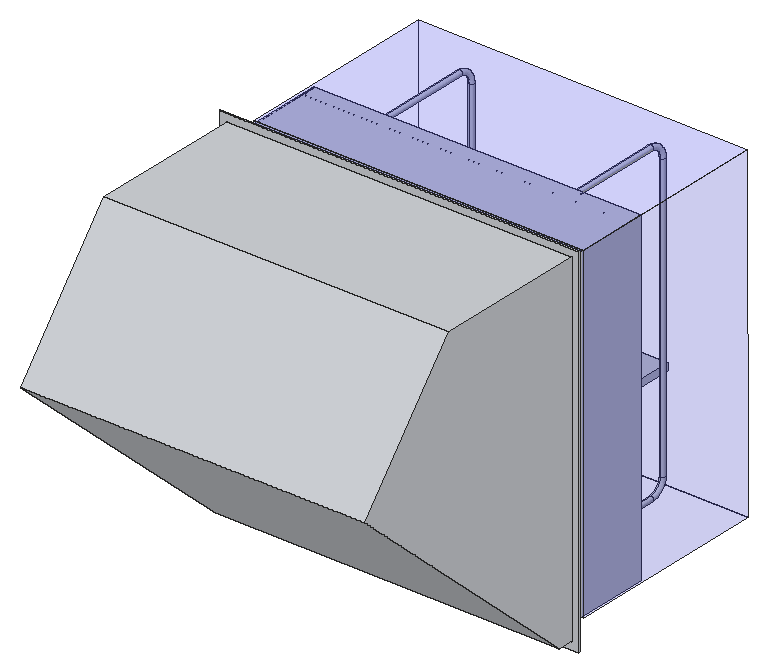
Revit family "EWD", category Mechanical Equipment, Revit 2019
Family settings
  Round Connector Dimension = Use Diameter
  Part Type = Normal
  Work Plane-Based = No
  Always vertical = Yes
  Cut with Voids When Loaded = No
  Shared = No
  Room Calculation Point = No
Parameters (values of type "54_EWD")
  Wire_Guard [instance] = yes
  Weather_Hood [instance] = yes
  Wall_Collar [instance] = yes
  WO = A + 1/4"  # 66 7/16"
  WH_B/2 = WH_B / 2  # 35"
  WH_B = 70"
  WH_ANGLE_2 = 92.00°  # constant formula
  WH_ANGLE = 130.00°  # constant formula
  WH_A = 52 5/8"
  WC_C = 64 9/16"
  WC_B = 69 11/16"
  WG_D = 13 7/16"
  WG_B = 67"
  -WH_B/2 = -WH_B / 2  # -35"
  -WC_D = -19 11/16"
  WC_A = 66 1/4"
  -WG_A = -28 7/16"
  Unit Weight [instance] = ""
  Sones [instance] = ""
  Motor RPM [instance] = ""
  Motor Enclosure [instance] = ""
  LwA [instance] = ""
  Fan RPM [instance] = ""
  D/2 = D / 2  # 30"
  D = 60"
  E/2 = E / 2  # 1 1/2"
  E = 3"  # constant formula
  C/2 = C / 2  # 3 27/32"
  C = 7 11/16"
  B/2 = B / 2  # 13 7/8"
  B = 27 3/4"
  A/7 = A / 7  # 9.45536"
  A/3.5 = A / 3.5  # 18.91071"
  A/2 = A / 2  # 33 3/32"
  A = 66 3/16"
  9" = 9"  # constant formula
  3" = 3"  # constant formula
  Brake Hp [instance] = ""
  4" = 4"  # constant formula
  2' = 24"
  2" = 2"  # constant formula
  1" = 1"  # constant formula
  0 = 0"  # constant formula
  Voltage [instance] = 0 V
  URL = "www.lorencook.com"
  Type Comments = "Wall Exhaust Fan Extruded Aluminum Propeller Direct Drive"  # constant formula
  Static Pressure [instance] = 0.00 in-wg
  Power [instance] = Voltage * Motor FLA * sqrt(if(Phase = 3, 3, 1))  # 0 VA
  Phase [instance] = 0
  Number of Poles [instance] = 1
  Motor Hp [instance] = "0"
  Motor FLA [instance] = 0 A
  Model = "EWD"  # constant formula
  Manufacturer = "Loren Cook Company"
  CFM [instance] = 0 CFM
  1.5 = 1 1/2"  # constant formula
  .5" = 1/2"  # constant formula
  .125 = 1/8"  # constant formula
  -D = -E  # -3"
  -C/2 = -C / 2  # -3 27/32"
  -B+1" = -B + 1"  # -26 3/4"
  -B = -B  # -27 3/4"
  -((SIZE/2)-.25") = -23 3/4"
  -((A/2)-C-.5") = -((A / 2) - C - 1/2")  # -24 29/32"
  (SIZE/2)-.25" = 23 3/4"
  (D_SUP/2)-(C/2)-.125" = (D / 2) - (C / 2) - 1/8"  # 26 1/32"
  (A/2)-C-.5" = (A / 2) - C - 1/2"  # 24 29/32"
  (A/2)-1" = (A / 2) - 1/4"  # 32 27/32"
Types (7): name | Wire_Guard | Weather_Hood | Wall_Collar | WO | WH_B/2 | WH_B | WH_A | WC_C | WC_B | WG_D | WG_B | -WH_B/2 | -WC_D | WC_A | -WG_A | D/2 | D | C/2 | C | B/2 | B | A/7 | A/3.5 | A/2 | A | -C/2 | -B+1" | -B | -((SIZE/2)-.25") | -((A/2)-C-.5") | (SIZE/2)-.25" | (D_SUP/2)-(C/2)-.125" | (A/2)-C-.5" | (A/2)-1"
  (no name) | yes | yes | yes | 66 7/16" | 35" | 70" | 52 5/8" | 64 9/16" | 69 11/16" | 13 7/16" | 67" | -35" | -19 11/16" | 66 1/4" | -28 7/16" | 30" | 60" | 3 27/32" | 7 11/16" | 13 7/8" | 27 3/4" | 9.45536" | 18.91071" | 33 3/32" | 66 3/16" | -3 27/32" | -26 3/4" | -27 3/4" | -23 3/4" | -24 29/32" | 23 3/4" | 26 1/32" | 24 29/32" | 32 27/32"
  24_EWD | no | no | no | 36 7/16" | 20" | 40" | 31 7/16" | 34 7/16" | 39 9/16" | 12 9/16" | 37" | -20" | -18 11/16" | 36 1/4" | -20 9/16" | 15" | 30" | 3 1/2" | 7" | 7 5/16" | 14 5/8" | 5.16964" | 10.33929" | 18 3/32" | 36 3/16" | -3 1/2" | -13 5/8" | -14 5/8" | -11 3/4" | -10 19/32" | 11 3/4" | 11 3/8" | 10 19/32" | 17 27/32"
  30_EWD | no | no | no | 42 7/16" | 23" | 46" | 35 11/16" | 40 1/2" | 45 9/16" | 12 9/16" | 43" | -23" | -19 7/16" | 42 1/4" | -20 9/16" | 18" | 36" | 3 13/32" | 6 13/16" | 7 5/16" | 14 5/8" | 6.02679" | 12.05357" | 21 3/32" | 42 3/16" | -3 13/32" | -13 5/8" | -14 5/8" | -14 3/4" | -13 25/32" | 14 3/4" | 14 15/32" | 13 25/32" | 20 27/32"
  36_EWD | no | no | no | 48 7/16" | 26" | 52" | 39 15/16" | 46 1/2" | 51 5/8" | 12 9/16" | 49" | -26" | -19 7/16" | 48 1/4" | -25 9/16" | 21" | 42" | 3 5/8" | 7 1/4" | 11" | 22" | 6.88393" | 13.76786" | 24 3/32" | 48 3/16" | -3 5/8" | -21" | -22" | -17 3/4" | -16 11/32" | 17 3/4" | 17 1/4" | 16 11/32" | 23 27/32"
  42_EWD | no | no | no | 54 7/16" | 29" | 58" | 44 3/16" | 52 1/2" | 57 5/8" | 13 7/16" | 55" | -29" | -19 11/16" | 54 1/4" | -28 7/16" | 24" | 48" | 3 13/16" | 7 5/8" | 12" | 24" | 7.74107" | 15.48214" | 27 3/32" | 54 3/16" | -3 13/16" | -23" | -24" | -20 3/4" | -18 31/32" | 20 3/4" | 20 1/16" | 18 31/32" | 26 27/32"
  48_EWD | yes | yes | yes | 60 7/16" | 32" | 64" | 48 7/16" | 58 9/16" | 63 11/16" | 13 7/16" | 61" | -32" | -19 11/16" | 60 1/4" | -28 7/16" | 27" | 54" | 3 7/8" | 7 3/4" | 12" | 24" | 8.59821" | 17.19643" | 30 3/32" | 60 3/16" | -3 7/8" | -23" | -24" | -23 3/4" | -21 27/32" | 23 3/4" | 23" | 21 27/32" | 29 27/32"
  54_EWD | yes | yes | yes | 66 7/16" | 35" | 70" | 52 5/8" | 64 9/16" | 69 11/16" | 13 7/16" | 67" | -35" | -19 11/16" | 66 1/4" | -28 7/16" | 30" | 60" | 3 27/32" | 7 11/16" | 13 7/8" | 27 3/4" | 9.45536" | 18.91071" | 33 3/32" | 66 3/16" | -3 27/32" | -26 3/4" | -27 3/4" | -23 3/4" | -24 29/32" | 23 3/4" | 26 1/32" | 24 29/32" | 32 27/32"
Reference planes (in)
  plane 1 "Center (Front/Back)": y = 0
  plane 2: z = 0
  plane 3 "Center (Left/Right)": x = 0.40541
  plane 4: y = 1.5
Forms (in)
  Revolve 1, solid
    sketch origin (0.40541, 0, 0) x (0, 1, 0) y (0, 0, 1)
      loop
        line (-4.84375, 3.84375) -> (-4.84375, 0) -> (-3.84375, 0) -> (-3.84375, 3.84375) -> (-4.84375, 3.84375)
      axis (-4.84375, 0) -> (-3.84375, 0)
    angle from 0 to 360
  Extrusion 2, solid
    sketch origin (0.40541, 0, 0) x (0, 1, 0) y (0, 0, 1)
      loop
        line (0, -3.84375) -> (-7.6875, 3.84375) -> (-7.77589, 3.75536) -> (-0.08839, -3.93214) -> (0, -3.84375)
    from 30 to 3.84375 <- "C/2"
  Extrusion 3, solid
    sketch origin (0.40541, 0, 0) x (0, 1, 0) y (-1, 0, 0)
      loop
        line (0, -3.84375) -> (-7.6875, 3.84375) -> (-7.77589, 3.75536) -> (-0.08839, -3.93214) -> (0, -3.84375)
    from 30 to 3.84375 <- "C/2"
  Extrusion 4, solid
    sketch origin (0.40541, 0, 0) x (0, 1, 0) y (0, 0, -1)
      loop
        line (0, -3.84375) -> (-7.6875, 3.84375) -> (-7.77589, 3.75536) -> (-0.08839, -3.93214) -> (0, -3.84375)
    from 30 to 3.84375 <- "C/2"
  Extrusion 5, solid
    sketch origin (0.40541, 0, 0) x (1, 0, 0) y (0, 1, 0)
      loop
        line (-3.84375, 0) -> (-3.93214, -0.08839) -> (3.75536, -7.77589) -> (3.84375, -7.6875) -> (-3.84375, 0)
    from -30 to -3.84375 <- "-C/2"
  Extrusion 6, void
    sketch origin (0, 0, 0) x (1, 0, 0) y (0, 0, 1)
      loop
        circle (0.40541, 0) r 26.03125
      loop
        circle (0.40541, 0) r 40
    from 0 to 9 <- "9""
  Extrusion 7, solid
    sketch origin (0, 0, 0) x (1, 0, 0) y (0, 0, 1)
      loop
        line (-32.68834, 33.09375) -> (-32.68834, -33.09375) -> (33.49916, -33.09375) -> (33.49916, 33.09375) -> (-32.68834, 33.09375)
      loop
        circle (0.40541, 0) r 30
    from 0 to -0.125
  Extrusion 8, solid
    sketch origin (0, 0, 0) x (1, 0, 0) y (0, 0, 1)
      loop
        line (-32.68834, 33.09375) -> (-32.68834, -33.09375) -> (33.49916, -33.09375) -> (33.49916, 33.09375) -> (-32.68834, 33.09375)
      loop
        line (33.37416, -32.96875) -> (33.37416, 32.96875) -> (-32.56334, 32.96875) -> (-32.56334, -32.96875) -> (33.37416, -32.96875)
    from 0 to -3 <- "-D"
  Extrusion 9, solid
    sketch origin (0, 0, 0) x (1, 0, 0) y (0, 0, 1)
      loop
        circle (0.40541, 0) r 9.45536
    from 0 to -26.75 <- "-B+1""
  Extrusion 10, solid
    sketch origin (0, 0, 0) x (1, 0, 0) y (0, 0, 1)
      loop
        line (-18.5053, -9.45536) -> (-18.5053, -10.95536) -> (19.31613, -10.95536) -> (19.31613, -9.45536) -> (-18.5053, -9.45536)
    from 0 to -27.75 <- "-B"
  Sweep 11, solid
    path origin (0.40541, 0, 0) x (0, 1, 0) y (0, 0, 1)
      loop
        line (0.125, 31.96875) -> (22.75, 31.96875)
        arc (22.75, 31.96875) -> (24.87132, 31.09007) -> (25.75, 28.96875) r 3
        line (25.75, 28.96875) -> (25.75, -28.96875)
        arc (25.75, -28.96875) -> (24.87132, -31.09007) -> (22.75, -31.96875) r 3
        line (22.75, -31.96875) -> (0.125, -31.96875)
    profile origin (0.40541, 11.4375, 31.96875) x (0, 0, 1) y (1, 0, 0)
      loop
        circle (0, -19.41071) r 0.5
      loop
        circle (0, 19.41071) r 0.5
  Revolve 12, solid
    sketch origin (0.40541, 0, 0) x (0, 1, 0) y (0, 0, 1)
      loop
        arc (-0.125, 30) -> (-3.96875, 26.15625) -> (-7.8125, 30) r 3.84375
        line (-7.8125, 30) -> (-7.9375, 30)
        arc (-7.9375, 30) -> (-3.96875, 26.03125) -> (0, 30) r 3.96875
        line (0, 30) -> (-0.125, 30)
      axis (-7.9375, 0) -> (0, 0)
    angle from 0 to 360
  Extrusion 13, solid, material "Glass", visible <- "Wire_Guard"
    sketch origin (0, 1.5, 54.67245) x (0, 0, 1) y (-1, 0, 0)
      loop
        line (-21.17245, -33.90541) -> (-21.17245, 33.09459) -> (-88.17245, 33.09459) -> (-88.17245, -33.90541) -> (-21.17245, -33.90541)
    from -28.4375 <- "-WG_A" to 13.4375 <- "WG_D"
  Extrusion 14, solid, visible <- "Wall_Collar"
    sketch origin (0, 3, 0) x (-1, 0, 0) y (0, 0, 1)
      loop
        line (32.71959, 33.125) -> (-33.53041, 33.125) -> (-33.53041, -33.125) -> (32.71959, -33.125) -> (32.71959, 33.125)
      loop
        line (-33.65541, -33.25) -> (32.84459, -33.25) -> (32.84459, 33.25) -> (-33.65541, 33.25) -> (-33.65541, -33.25)
    from 0 to -19.6875 <- "-WC_D"
  Extrusion 15, solid, visible <- "Wall_Collar"
    sketch origin (0, -16.6875, 0) x (1, 0, 0) y (0, 0, 1)
      loop
        line (-34.43834, 34.84375) -> (-34.43834, -34.84375) -> (35.24916, -34.84375) -> (35.24916, 34.84375) -> (-34.43834, 34.84375)
      loop
        line (32.68666, -32.28125) -> (32.68666, 32.28125) -> (-31.87584, 32.28125) -> (-31.87584, -32.28125) -> (32.68666, -32.28125)
    from 0 to -0.125
  Extrusion 16, solid, visible <- "Weather_Hood"
    sketch origin (0.40541, 0, 0) x (0, 1, 0) y (0, 0, 1)
      loop
        line (-16.6875, 35) -> (-48.06864, 35) -> (-69.3125, 9.68255) -> (-19.6875, -35) -> (-16.6875, -35) -> (-16.6875, 35)
    from -35 <- "-WH_B/2" to 35 <- "WH_B/2"
  Extrusion 17, solid, visible <- "Weather_Hood"
    sketch origin (0.40541, -16.6875, -35) x (0, 0, 1) y (1, 0, 0)
      loop
        line (71.5, -36.5) -> (71.5, 36.5) -> (-1.5, 36.5) -> (-1.5, -36.5) -> (71.5, -36.5)
      loop
        line (0, 35) -> (0, -35) -> (70, -35) -> (70, 35) -> (0, 35)
    from 0 to -0.125
Cuts and joins
  Extrusion 6 cuts Revolve 1
  Extrusion 6 cuts Extrusion 2
  Extrusion 6 cuts Extrusion 3
  Extrusion 6 cuts Extrusion 4
  Extrusion 6 cuts Extrusion 5
Dimensions and locks (in)
  "0": Revolve 1 sketch curve to level  (x2)
  "C/2": Revolve 1 sketch curve to level
  "C/2": plane 1 "Center (Front/Back)" to Revolve 1 sketch curve
  "1"": Revolve 1 sketch curve to Revolve 1 sketch curve
  "0": Extrusion 2 sketch curve to plane 1 "Center (Front/Back)"
  "C": plane 1 "Center (Front/Back)" to Extrusion 2 sketch curve
  "C/2": Extrusion 2 sketch curve to level
  "C/2": level to Extrusion 2 sketch curve
  ".125": Extrusion 2 sketch curve to Extrusion 2 sketch curve
  ".125": Extrusion 3 sketch curve to Extrusion 3 sketch curve
  ".125": Extrusion 4 sketch curve to Extrusion 4 sketch curve
  ".125": Extrusion 5 sketch curve to Extrusion 5 sketch curve
  Extrusion 6 sketch curve to plane 3 "Center (Left/Right)" = 0"  (x2)
  level to Extrusion 6 sketch curve = 0"
  Extrusion 6 sketch curve to level = 0"
  "0": Extrusion 3 sketch curve to plane 1 "Center (Front/Back)"
  "C": Extrusion 3 sketch curve to plane 1 "Center (Front/Back)"
  "C/2": plane 3 "Center (Left/Right)" to Extrusion 3 sketch curve
  "C/2": Extrusion 3 sketch curve to plane 3 "Center (Left/Right)"
  "C": plane 1 "Center (Front/Back)" to Extrusion 4 sketch curve
  "0": Extrusion 4 sketch curve to plane 1 "Center (Front/Back)"
  "C/2": level to Extrusion 4 sketch curve
  "C/2": Extrusion 4 sketch curve to level
  "0": Extrusion 5 sketch curve to plane 1 "Center (Front/Back)"
  "C": Extrusion 5 sketch curve to plane 1 "Center (Front/Back)"
  "C/2": plane 3 "Center (Left/Right)" to Extrusion 5 sketch curve
  "C/2": Extrusion 5 sketch curve to plane 3 "Center (Left/Right)"
  "A/2": plane 3 "Center (Left/Right)" to Extrusion 7 sketch curve
  "A/2": Extrusion 7 sketch curve to plane 3 "Center (Left/Right)"
  "A/2": Extrusion 7 sketch curve to level
  "A/2": level to Extrusion 7 sketch curve
  "0": Extrusion 7 sketch curve to level
  "0": Extrusion 7 sketch curve to plane 3 "Center (Left/Right)"
  ".125": Extrusion 8 sketch curve to Extrusion 8 sketch curve  (x4)
  "A/2": plane 3 "Center (Left/Right)" to Extrusion 8 sketch curve  (x2)
  "A/2": level to Extrusion 8 sketch curve
  "A/2": Extrusion 8 sketch curve to level
  "0": Extrusion 9 sketch curve to level
  "0": Extrusion 9 sketch curve to plane 3 "Center (Left/Right)"
  "A/7": level to Extrusion 10 sketch curve
  "1.5": Extrusion 10 sketch curve to Extrusion 10 sketch curve
  "A/3.5": Extrusion 10 sketch curve to plane 3 "Center (Left/Right)"
  "A/3.5": plane 3 "Center (Left/Right)" to Extrusion 10 sketch curve
  "1"": Extrusion 9 to Sweep 11 sketch curve
  ".125": Sweep 11 sketch curve to plane 1 "Center (Front/Back)"  (x2)
  "1"": Extrusion 8 to Sweep 11 sketch curve  (x2)
  "0": Sweep 11 sketch curve to profile plane  (x2)
  ".5"": Sweep 11 sketch curve to Extrusion 10  (x2)
  "0": Revolve 12 sketch curve to level
  "D/2": Revolve 12 sketch curve to level  (x2)
  "C": Revolve 12 sketch curve to Revolve 12 sketch curve
  ".125": plane 1 "Center (Front/Back)" to Revolve 12 sketch curve
  ".125": Revolve 12 sketch curve to Revolve 12 sketch curve  (x2)
  "0": Revolve 12 sketch curve to Revolve 12 sketch curve
  "1.5": plane 4 to plane 1 "Center (Front/Back)"
  equal spacing: Extrusion 13 sketch curve, plane 3 "Center (Left/Right)", Extrusion 13 sketch curve
  equal spacing: Extrusion 13 sketch curve, level, Extrusion 13 sketch curve
  "WG_B": Extrusion 13 sketch curve to Extrusion 13 sketch curve  (x2)
  equal spacing: Extrusion 14 sketch curve, plane 3 "Center (Left/Right)", Extrusion 14 sketch curve  (x2)
  equal spacing: Extrusion 14 sketch curve, level, Extrusion 14 sketch curve  (x2)
  "WC_A": Extrusion 14 sketch curve to Extrusion 14 sketch curve  (x2)
  ".125": Extrusion 14 sketch curve to Extrusion 14 sketch curve  (x2)
  equal spacing: Extrusion 15 sketch curve, plane 3 "Center (Left/Right)", Extrusion 15 sketch curve  (x2)
  equal spacing: Extrusion 15 sketch curve, level, Extrusion 15 sketch curve  (x2)
  "WC_C": Extrusion 15 sketch curve to Extrusion 15 sketch curve  (x2)
  "WC_B": Extrusion 15 sketch curve to Extrusion 15 sketch curve  (x2)
  equal spacing: Extrusion 16 sketch curve, level, Extrusion 16 sketch curve
  "WH_B": Extrusion 16 sketch curve to Extrusion 16 sketch curve
  "WH_A": Extrusion 16 sketch curve to Extrusion 16 sketch curve
  "3"": Extrusion 16 sketch curve to Extrusion 16 sketch curve
  "0": Extrusion 16 sketch curve to Extrusion 15
  equal spacing: Extrusion 17 sketch curve, plane 3 "Center (Left/Right)", Extrusion 17 sketch curve  (x2)
  equal spacing: Extrusion 17 sketch curve, level, Extrusion 17 sketch curve  (x2)
  "WH_B": Extrusion 17 sketch curve to Extrusion 17 sketch curve  (x2)
  "1.5": Extrusion 17 sketch curve to Extrusion 17 sketch curve  (x2)
  "(D_SUP/2)-(C/2)-.125"": radius of Extrusion 6 sketch curve
  "D/2": radius of Extrusion 7 sketch curve
  "A/7": radius of Extrusion 9 sketch curve
  "3"": radius of Sweep 11 sketch curve  (x2)
  ".5"": radius of Sweep 11 sketch curve  (x2)
  "WH_ANGLE": angle Extrusion 16 sketch curve to Extrusion 16 sketch curve
  "WH_ANGLE_2": angle Extrusion 16 sketch curve to Extrusion 16 sketch curve
Automatic sketch dimensions
  Revolve 1 sketch curve to plane 1 "Center (Front/Back)" = 0"
  Revolve 1 sketch curve to Revolve 1 sketch curve = 26"
  plane 1 "Center (Front/Back)" to Revolve 12 sketch curve = 3 1/4"
  Revolve 12 sketch curve to Revolve 12 sketch curve = 1.44822"
  radius of Extrusion 6 sketch curve = 40"
Connectors (in)
  hvac at (0.40541, 3, 0), driven by "WO", driven by "WO", driven by "CFM"
    settings: on Extrusion 8, index 1, duct flow 0 CFM, flow factor 0, pres drop 0.00 in-wg, loss coef 0, conn angle 0.00°, conn width 66 7/16", conn height 66 7/16", conn diameter 24", duct sys type 3, conn prof type 1, flow config 0, flow direction 2, loss method 0, conn ref index -1, conn util no, is conn primary yes, conn desc ""
  electrical at (0.40541, 26.75, 0)
    settings: on Extrusion 9, index 2, voltage 0 V, apparent load 0 VA, apparent load phase1 0 VA, apparent load phase2 0 VA, apparent load phase3 0 VA, power factor 1, load classification "Other", number of poles 1, system type 30, power factor state 1, is connector primary yes, connector utility no, sub classification motor no, connector description ""
